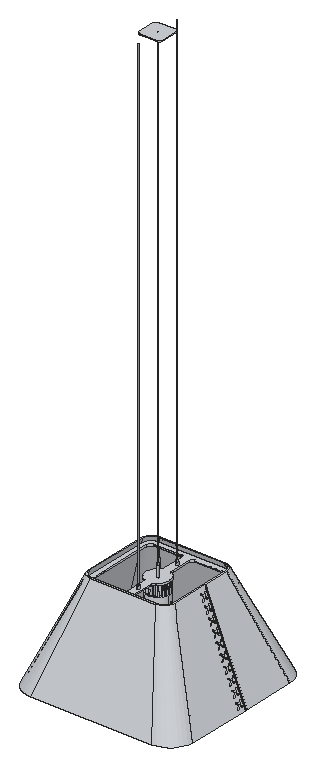
Revit family "BuzziSpace - BuzziShade - Square", category Lighting Fixtures, host Ceiling, Revit 2019
Family settings
  Host = Ceiling
  Round Connector Dimension = Use Diameter
  Part Type = Normal
  OmniClass Number = 23.80.70.11
  OmniClass Title = Luminaries for Internal Lighting
  Always vertical = Yes
  Cut with Voids When Loaded = No
  Light Source = Yes
  Shared = No
  Room Calculation Point = No
Parameters (values of type "Spot Medium")
  Width Toggle [instance] = if(Beam, 2, 1)  # 1
  Wattage = 12.1178 W
  built-in parameter 1150110 = 1 (stored number, unit not read)
  URL = "https://www.buzzi.space/acoustic-solutions/buzzishade-square"
  built-in parameter 1114217 = 1 (stored number, unit not read)
  built-in parameter 1150109 = 1 (stored number, unit not read)
  built-in parameter 1150134 = (empty or 0)
  Suspension Length Control [instance] = if(Suspension Length > 16' 4 109/128", 16' 4 109/128", if(Suspension Length < 6' 6 189/256", 6' 6 189/256", Suspension Length))  # 7' - 0"
  Suspension Length [instance] = 7' - 0"
  built-in parameter 1150113 = 1 (stored number, unit not read)
  Solo Cable Adjustment [instance] = 0' - 0 13/16"
  Mounting [instance] = none
  Model = "BuzziShade Square Medium"
  Medium = not(Beam)  # yes
  Manufacturer = "BuzziSpace"  # constant formula
  Lumens = 1800 lm
  built-in parameter 1150115 = 1 (stored number, unit not read)
  built-in parameter 1150105 = 143.24 (stored number, unit not read)
  Light Toggle = 3
  Light Source Symbol Size = 1' - 6"
  Light Offset [instance] = Suspension Length Control + 1' 0"  # 8' - 0"
  built-in parameter 1150137 = (empty or 0)
  built-in parameter 1150139 = (empty or 0)
  built-in parameter 1150112 = 1 (stored number, unit not read)
  built-in parameter 1150114 = 1 (stored number, unit not read)
  Lace [instance] = none
  built-in parameter 1150132 = 2
  built-in parameter 1150102 = (empty or 0)
  built-in parameter 1150138 = (empty or 0)
  built-in parameter 1150107 = 3000 (stored number, unit not read)
  built-in parameter 1150106 = 1.4324 (stored number, unit not read)
  Mounting Suspension Length [instance] = if(Beam, Suspension Length Control + 0' 2 7/8", Suspension Length Control + 0' 1 57/64")  # 7' - 1 57/64"
  Glass [instance] = none
  Frame [instance] = none
  Felt [instance] = none
  built-in parameter 1150104 = 13.8 (stored number, unit not read)
  Dimming Lamp Color Temperature Shift = <None>
  Color Filter = 16777215
  Cable [instance] = none
  Beam = no
  built-in parameter 1114218 = 1 (stored number, unit not read)
  built-in parameter 1150133 = 10 (stored number, unit not read)
Reference planes (in)
  plane 1 "Light Source Axis (F/B)": y = 0
  plane 2 "Ceiling": z = 96
  plane 3 "Light Source Axis (L/R)": x = 0
  plane 4 "Light Source Elevation": z = 0
  plane 5 "Mask": z = 0
Forms (in)
  Revolve 1, solid, material <- "Cable", visible <- "Medium"
    sketch origin (0, 0, 0) x (0, 1, 0) y (0, 0, 1)
      loop
        line (4.24371, 96) -> (4.21246, 96) -> (4.21246, 10.10192) -> (4.14464, 10.10192) -> (4.14464, 9.77103) -> (4.04534, 9.77103) -> (4.04534, 9.375) -> (4.24371, 9.375) -> (4.24371, 96)
      axis (4.24371, 9.375) -> (4.24371, 96)
    angle from 0 to 360
  Revolve 2, solid, material <- "Cable", visible <- "Medium"
    sketch origin (0, -8.54025, 0) x (0, 1, 0) y (0, 0, 1)
      loop
        line (4.24371, 96) -> (4.21246, 96) -> (4.21246, 10.10192) -> (4.14464, 10.10192) -> (4.14464, 9.77103) -> (4.04534, 9.77103) -> (4.04534, 9.375) -> (4.24371, 9.375) -> (4.24371, 96)
      axis (4.24371, 9.375) -> (4.24371, 96)
    angle from 0 to 360
Lines and regions (in)
  Masking region 1, visible <- "Medium"
    outline origin (0, 0, 48) x (-1, 0, 0) y (0, -1, 0)
      loop
        arc (14.79872, 10.73976) -> (13.62715, 13.56819) -> (10.79872, 14.73976) r 4
        line (10.79872, 14.73976) -> (-10.79872, 14.73976)
        arc (-10.79872, 14.73976) -> (-13.62715, 13.56819) -> (-14.79872, 10.73976) r 4
        line (-14.79872, 10.73976) -> (-14.79872, -10.73976)
        arc (-14.79872, -10.73976) -> (-13.62715, -13.56819) -> (-10.79872, -14.73976) r 4
        line (-10.79872, -14.73976) -> (10.79872, -14.73976)
        arc (10.79872, -14.73976) -> (13.62715, -13.56819) -> (14.79872, -10.73976) r 4
        line (14.79872, -10.73976) -> (14.79872, 10.73976)
      loop
        arc (5.86565, -6.73526) -> (6.51081, -6.46803) -> (6.77805, -5.82286) r 0.9124
        line (6.77805, -5.82286) -> (6.77805, 5.82286)
        arc (6.77805, 5.82286) -> (6.51081, 6.46803) -> (5.86565, 6.73526) r 0.9124
        line (5.86565, 6.73526) -> (1.33716, 6.73526)
        arc (1.33716, 6.73526) -> (0.85342, 6.53489) -> (0.65305, 6.05116) r 0.68411
        line (0.65305, 6.05116) -> (0.65305, 2.43789)
        arc (0.65305, 2.43789) -> (0.75854, 2.04419) -> (1.04675, 1.75598) r 0.7874
        arc (1.04675, 1.75598) -> (2.06057, 0) -> (1.04675, -1.75598) r 2.02763
        arc (1.04675, -1.75598) -> (0.75854, -2.04419) -> (0.65305, -2.43789) r 0.7874
        line (0.65305, -2.43789) -> (0.65305, -6.15357)
        arc (0.65305, -6.15357) -> (0.82343, -6.56489) -> (1.23474, -6.73526) r 0.58169
        line (1.23474, -6.73526) -> (5.86565, -6.73526)
      loop
        arc (-0.65305, -2.43789) -> (-0.75854, -2.04419) -> (-1.04675, -1.75598) r 0.7874
        arc (-1.04675, -1.75598) -> (-2.06057, 0) -> (-1.04675, 1.75598) r 2.02763
        arc (-1.04675, 1.75598) -> (-0.75854, 2.04419) -> (-0.65305, 2.43789) r 0.7874
        line (-0.65305, 2.43789) -> (-0.65305, 6.05116)
        arc (-0.65305, 6.05116) -> (-0.85342, 6.53489) -> (-1.33716, 6.73526) r 0.68411
        line (-1.33716, 6.73526) -> (-5.86565, 6.73526)
        arc (-5.86565, 6.73526) -> (-6.51081, 6.46803) -> (-6.77805, 5.82286) r 0.9124
        line (-6.77805, 5.82286) -> (-6.77805, -5.82286)
        arc (-6.77805, -5.82286) -> (-6.51081, -6.46803) -> (-5.86565, -6.73526) r 0.9124
        line (-5.86565, -6.73526) -> (-1.23474, -6.73526)
        arc (-1.23474, -6.73526) -> (-0.82343, -6.56489) -> (-0.65305, -6.15357) r 0.58169
        line (-0.65305, -6.15357) -> (-0.65305, -2.43789)
  Masking region 2, visible <- "Beam"
    outline origin (0, 0, 0) x (-1, 0, 0) y (0, -1, 0)
      loop
        arc (25.48622, -14.73976) -> (28.31465, -13.56819) -> (29.48622, -10.73976) r 4
        line (29.48622, -10.73976) -> (29.48622, 10.73976)
        arc (29.48622, 10.73976) -> (28.31465, 13.56819) -> (25.48622, 14.73976) r 4
        line (25.48622, 14.73976) -> (-25.48622, 14.73976)
        arc (-25.48622, 14.73976) -> (-28.31465, 13.56819) -> (-29.48622, 10.73976) r 4
        line (-29.48622, 10.73976) -> (-29.48622, -10.73976)
        arc (-29.48622, -10.73976) -> (-28.31465, -13.56819) -> (-25.48622, -14.73976) r 4
        line (-25.48622, -14.73976) -> (25.48622, -14.73976)
      loop
        arc (21.46555, 5.82286) -> (21.19831, 6.46803) -> (20.55315, 6.73526) r 0.9124
        line (20.55315, 6.73526) -> (16.02466, 6.73526)
        arc (16.02466, 6.73526) -> (15.54092, 6.53489) -> (15.34055, 6.05116) r 0.68411
        line (15.34055, 6.05116) -> (15.34055, 2.43789)
        arc (15.34055, 2.43789) -> (15.44604, 2.04419) -> (15.73425, 1.75598) r 0.7874
        arc (15.73425, 1.75598) -> (16.74807, 0) -> (15.73425, -1.75598) r 2.02763
        arc (15.73425, -1.75598) -> (15.44604, -2.04419) -> (15.34055, -2.43789) r 0.7874
        line (15.34055, -2.43789) -> (15.34055, -6.15357)
        arc (15.34055, -6.15357) -> (15.51093, -6.56489) -> (15.92224, -6.73526) r 0.58169
        line (15.92224, -6.73526) -> (20.55315, -6.73526)
        arc (20.55315, -6.73526) -> (21.19831, -6.46803) -> (21.46555, -5.82286) r 0.9124
        line (21.46555, -5.82286) -> (21.46555, 5.82286)
      loop
        line (14.15945, -6.15357) -> (14.15945, -2.43789)
        arc (14.15945, -2.43789) -> (14.05396, -2.04419) -> (13.76575, -1.75598) r 0.7874
        arc (13.76575, -1.75598) -> (12.75193, 0) -> (13.76575, 1.75598) r 2.02763
        arc (13.76575, 1.75598) -> (14.05396, 2.04419) -> (14.15945, 2.43789) r 0.7874
        line (14.15945, 2.43789) -> (14.15945, 6.05116)
        arc (14.15945, 6.05116) -> (13.95908, 6.53489) -> (13.47534, 6.73526) r 0.68411
        line (13.47534, 6.73526) -> (1.27466, 6.73526)
        arc (1.27466, 6.73526) -> (0.79092, 6.53489) -> (0.59055, 6.05116) r 0.68411
        line (0.59055, 6.05116) -> (0.59055, 2.43789)
        arc (0.59055, 2.43789) -> (0.69604, 2.04419) -> (0.98425, 1.75598) r 0.7874
        arc (0.98425, 1.75598) -> (1.99807, 0) -> (0.98425, -1.75598) r 2.02763
        arc (0.98425, -1.75598) -> (0.69604, -2.04419) -> (0.59055, -2.43789) r 0.7874
        line (0.59055, -2.43789) -> (0.59055, -6.15357)
        arc (0.59055, -6.15357) -> (0.76093, -6.56489) -> (1.17224, -6.73526) r 0.58169
        line (1.17224, -6.73526) -> (13.57776, -6.73526)
        arc (13.57776, -6.73526) -> (13.98907, -6.56489) -> (14.15945, -6.15357) r 0.58169
      loop
        line (-0.59055, -6.15357) -> (-0.59055, -2.43789)
        arc (-0.59055, -2.43789) -> (-0.69604, -2.04419) -> (-0.98425, -1.75598) r 0.7874
        arc (-0.98425, -1.75598) -> (-1.99807, 0) -> (-0.98425, 1.75598) r 2.02763
        arc (-0.98425, 1.75598) -> (-0.69604, 2.04419) -> (-0.59055, 2.43789) r 0.7874
        line (-0.59055, 2.43789) -> (-0.59055, 6.05116)
        arc (-0.59055, 6.05116) -> (-0.79092, 6.53489) -> (-1.27466, 6.73526) r 0.68411
        line (-1.27466, 6.73526) -> (-13.47534, 6.73526)
        arc (-13.47534, 6.73526) -> (-13.95908, 6.53489) -> (-14.15945, 6.05116) r 0.68411
        line (-14.15945, 6.05116) -> (-14.15945, 2.43789)
        arc (-14.15945, 2.43789) -> (-14.05396, 2.04419) -> (-13.76575, 1.75598) r 0.7874
        arc (-13.76575, 1.75598) -> (-12.75193, 0) -> (-13.76575, -1.75598) r 2.02763
        arc (-13.76575, -1.75598) -> (-14.05396, -2.04419) -> (-14.15945, -2.43789) r 0.7874
        line (-14.15945, -2.43789) -> (-14.15945, -6.15357)
        arc (-14.15945, -6.15357) -> (-13.98907, -6.56489) -> (-13.57776, -6.73526) r 0.58169
        line (-13.57776, -6.73526) -> (-1.17224, -6.73526)
        arc (-1.17224, -6.73526) -> (-0.76093, -6.56489) -> (-0.59055, -6.15357) r 0.58169
      loop
        arc (-15.34055, -2.43789) -> (-15.44604, -2.04419) -> (-15.73425, -1.75598) r 0.7874
        arc (-15.73425, -1.75598) -> (-16.74807, 0) -> (-15.73425, 1.75598) r 2.02763
        arc (-15.73425, 1.75598) -> (-15.44604, 2.04419) -> (-15.34055, 2.43789) r 0.7874
        line (-15.34055, 2.43789) -> (-15.34055, 6.05116)
        arc (-15.34055, 6.05116) -> (-15.54092, 6.53489) -> (-16.02466, 6.73526) r 0.68411
        line (-16.02466, 6.73526) -> (-20.55315, 6.73526)
        arc (-20.55315, 6.73526) -> (-21.19831, 6.46803) -> (-21.46555, 5.82286) r 0.9124
        line (-21.46555, 5.82286) -> (-21.46555, -5.82286)
        arc (-21.46555, -5.82286) -> (-21.19831, -6.46803) -> (-20.55315, -6.73526) r 0.9124
        line (-20.55315, -6.73526) -> (-15.92224, -6.73526)
        arc (-15.92224, -6.73526) -> (-15.51093, -6.56489) -> (-15.34055, -6.15357) r 0.58169
        line (-15.34055, -6.15357) -> (-15.34055, -2.43789)
  symbolic lines, visible <- "Medium", detail levels medium+fine
    curve 1: line (5.86565, 7.61026, 0) -> (-5.86565, 7.61026, 0)
    curve 2: line (7.65305, -5.82286, 0) -> (7.65305, 5.82286, 0)
    curve 3: line (-7.65305, 5.82286, 0) -> (-7.65305, -5.82286, 0)
    curve 4: line (-5.86565, -7.61026, 0) -> (5.86565, -7.61026, 0)
    curve 5: line (-13.54872, -10.73976, 0) -> (-13.54872, 10.73976, 0)
    curve 6: line (-10.79872, 13.48976, 0) -> (10.79872, 13.48976, 0)
    curve 7: line (13.54872, 10.73976, 0) -> (13.54872, -10.73976, 0)
    curve 8: line (10.79872, -13.48976, 0) -> (-10.79872, -13.48976, 0)
    curve 9: arc (-13.54872, 10.73976, 0) -> (-12.74326, 12.68431, 0) -> (-10.79872, 13.48976, 0) r 2.75
    curve 10: arc (10.79872, 13.48976, 0) -> (12.74326, 12.68431, 0) -> (13.54872, 10.73976, 0) r 2.75
    curve 11: arc (10.79872, -13.48976, 0) -> (12.74326, -12.68431, 0) -> (13.54872, -10.73976, 0) r 2.75
    curve 12: arc (-10.79872, -13.48976, 0) -> (-12.74326, -12.68431, 0) -> (-13.54872, -10.73976, 0) r 2.75
    curve 13: arc (5.86565, 7.61026, 0) -> (7.12953, 7.08674, 0) -> (7.65305, 5.82286, 0) r 1.7874
    curve 14: arc (-7.65305, 5.82286, 0) -> (-7.12953, 7.08674, 0) -> (-5.86565, 7.61026, 0) r 1.7874
    curve 15: arc (-7.65305, -5.82286, 0) -> (-7.12953, -7.08674, 0) -> (-5.86565, -7.61026, 0) r 1.7874
    curve 16: arc (7.65305, -5.82286, 0) -> (7.12953, -7.08674, 0) -> (5.86565, -7.61026, 0) r 1.7874
  symbolic lines, visible <- "Medium", detail levels fine
    curve 17: line (8.12482, 0, 0) -> (7.9509, 0.45807, 0)
    curve 18: spline (7.9509, 0.45807, 0) -> (7.94811, 0.46702, 0) -> (7.94604, 0.47723, 0) -> (7.94476, 0.48831, 0) -> (7.94433, 0.49983, 0) -> (7.94476, 0.51135, 0) -> (7.94604, 0.52243, 0) -> (7.94811, 0.53264, 0) -> (7.9509, 0.54158, 0) -> (7.9543, 0.54893, 0) -> (7.95817, 0.55439, 0) -> (7.96238, 0.55775, 0) -> (7.96675, 0.55888, 0)
    curve 19: spline (8.09825, 0.54158, 0) -> (8.09718, 0.54423, 0) -> (8.09604, 0.54668, 0) -> (8.09485, 0.54893, 0) -> (8.0936, 0.55097, 0) -> (8.09231, 0.55279, 0) -> (8.09097, 0.55439, 0) -> (8.0896, 0.55575, 0) -> (8.0882, 0.55687, 0) -> (8.08677, 0.55775, 0) -> (8.08532, 0.55838, 0) -> (8.08386, 0.55875, 0) -> (8.08239, 0.55888, 0)
    curve 20: line (8.08239, 0.55888, 0) -> (7.96675, 0.55888, 0)
    curve 21: line (8.12482, 0, 0) -> (7.9509, -0.45807, 0)
    curve 22: spline (7.9509, -0.45807, 0) -> (7.94811, -0.46702, 0) -> (7.94604, -0.47723, 0) -> (7.94476, -0.48831, 0) -> (7.94433, -0.49983, 0) -> (7.94476, -0.51135, 0) -> (7.94604, -0.52243, 0) -> (7.94811, -0.53264, 0) -> (7.9509, -0.54158, 0) -> (7.9543, -0.54893, 0) -> (7.95817, -0.55439, 0) -> (7.96238, -0.55775, 0) -> (7.96675, -0.55888, 0)
    curve 23: spline (8.09825, -0.54158, 0) -> (8.09718, -0.54423, 0) -> (8.09604, -0.54668, 0) -> (8.09485, -0.54893, 0) -> (8.0936, -0.55097, 0) -> (8.09231, -0.55279, 0) -> (8.09097, -0.55439, 0) -> (8.0896, -0.55575, 0) -> (8.0882, -0.55687, 0) -> (8.08677, -0.55775, 0) -> (8.08532, -0.55838, 0) -> (8.08386, -0.55875, 0) -> (8.08239, -0.55888, 0)
    curve 24: line (8.08239, -0.55888, 0) -> (7.96675, -0.55888, 0)
    curve 25: line (8.21435, -0.2358, 0) -> (8.09825, -0.54158, 0)
    curve 26: spline (8.47252, 0.4757, 0) -> (8.47375, 0.48493, 0) -> (8.47439, 0.49458, 0) -> (8.47441, 0.50437, 0) -> (8.47382, 0.51403, 0) -> (8.47263, 0.52331, 0) -> (8.47087, 0.53194, 0) -> (8.4686, 0.53969, 0) -> (8.46587, 0.54634, 0) -> (8.46276, 0.55171, 0) -> (8.45936, 0.55566, 0) -> (8.45576, 0.55807, 0) -> (8.45205, 0.55888, 0)
    curve 27: line (8.45205, 0.55888, 0) -> (8.33702, 0.55888, 0)
    curve 28: line (8.21435, 0.2358, 0) -> (8.09825, 0.54158, 0)
    curve 29: line (8.33702, 0.55888, 0) -> (8.21435, 0.2358, 0)
    curve 30: line (8.47252, 0.4757, 0) -> (8.2968, 0.01289, 0)
    curve 31: line (8.33702, -0.55888, 0) -> (8.21435, -0.2358, 0)
    curve 32: line (8.46184, -0.55888, 0) -> (8.33702, -0.55888, 0)
    curve 33: spline (8.48231, -0.4757, 0) -> (8.48354, -0.48493, 0) -> (8.48418, -0.49458, 0) -> (8.4842, -0.50437, 0) -> (8.48361, -0.51403, 0) -> (8.48242, -0.52331, 0) -> (8.48066, -0.53194, 0) -> (8.47839, -0.53969, 0) -> (8.47566, -0.54634, 0) -> (8.47255, -0.55171, 0) -> (8.46915, -0.55566, 0) -> (8.46555, -0.55807, 0) -> (8.46184, -0.55888, 0)
    curve 34: line (8.48231, -0.4757, 0) -> (8.2968, 0.01289, 0)
    curve 339: line (8.81232, 0, 0) -> (8.6384, 0.45807, 0)
    curve 340: spline (8.6384, 0.45807, 0) -> (8.63561, 0.46702, 0) -> (8.63354, 0.47723, 0) -> (8.63226, 0.48831, 0) -> (8.63183, 0.49983, 0) -> (8.63226, 0.51135, 0) -> (8.63354, 0.52243, 0) -> (8.63561, 0.53264, 0) -> (8.6384, 0.54158, 0) -> (8.6418, 0.54893, 0) -> (8.64567, 0.55439, 0) -> (8.64988, 0.55775, 0) -> (8.65425, 0.55888, 0)
    curve 341: spline (8.78575, 0.54158, 0) -> (8.78468, 0.54423, 0) -> (8.78354, 0.54668, 0) -> (8.78235, 0.54893, 0) -> (8.7811, 0.55097, 0) -> (8.77981, 0.55279, 0) -> (8.77847, 0.55439, 0) -> (8.7771, 0.55575, 0) -> (8.7757, 0.55687, 0) -> (8.77427, 0.55775, 0) -> (8.77282, 0.55838, 0) -> (8.77136, 0.55875, 0) -> (8.76989, 0.55888, 0)
    curve 342: line (8.76989, 0.55888, 0) -> (8.65425, 0.55888, 0)
    curve 343: line (8.81232, 0, 0) -> (8.6384, -0.45807, 0)
    curve 344: spline (8.6384, -0.45807, 0) -> (8.63561, -0.46702, 0) -> (8.63354, -0.47723, 0) -> (8.63226, -0.48831, 0) -> (8.63183, -0.49983, 0) -> (8.63226, -0.51135, 0) -> (8.63354, -0.52243, 0) -> (8.63561, -0.53264, 0) -> (8.6384, -0.54158, 0) -> (8.6418, -0.54893, 0) -> (8.64567, -0.55439, 0) -> (8.64988, -0.55775, 0) -> (8.65425, -0.55888, 0)
    curve 345: spline (8.78575, -0.54158, 0) -> (8.78468, -0.54423, 0) -> (8.78354, -0.54668, 0) -> (8.78235, -0.54893, 0) -> (8.7811, -0.55097, 0) -> (8.77981, -0.55279, 0) -> (8.77847, -0.55439, 0) -> (8.7771, -0.55575, 0) -> (8.7757, -0.55687, 0) -> (8.77427, -0.55775, 0) -> (8.77282, -0.55838, 0) -> (8.77136, -0.55875, 0) -> (8.76989, -0.55888, 0)
    curve 346: line (8.76989, -0.55888, 0) -> (8.65425, -0.55888, 0)
    curve 347: line (8.90185, -0.2358, 0) -> (8.78575, -0.54158, 0)
    curve 348: spline (9.16002, 0.4757, 0) -> (9.16125, 0.48493, 0) -> (9.16189, 0.49458, 0) -> (9.16191, 0.50437, 0) -> (9.16132, 0.51403, 0) -> (9.16013, 0.52331, 0) -> (9.15837, 0.53194, 0) -> (9.1561, 0.53969, 0) -> (9.15337, 0.54634, 0) -> (9.15026, 0.55171, 0) -> (9.14686, 0.55566, 0) -> (9.14326, 0.55807, 0) -> (9.13955, 0.55888, 0)
    curve 349: line (9.13955, 0.55888, 0) -> (9.02452, 0.55888, 0)
    curve 350: line (8.90185, 0.2358, 0) -> (8.78575, 0.54158, 0)
    curve 351: line (9.02452, 0.55888, 0) -> (8.90185, 0.2358, 0)
    curve 352: line (9.16002, 0.4757, 0) -> (8.9843, 0.01289, 0)
    curve 353: line (9.02452, -0.55888, 0) -> (8.90185, -0.2358, 0)
    curve 354: line (9.14934, -0.55888, 0) -> (9.02452, -0.55888, 0)
    curve 355: spline (9.16981, -0.4757, 0) -> (9.17104, -0.48493, 0) -> (9.17168, -0.49458, 0) -> (9.1717, -0.50437, 0) -> (9.17111, -0.51403, 0) -> (9.16992, -0.52331, 0) -> (9.16816, -0.53194, 0) -> (9.16589, -0.53969, 0) -> (9.16316, -0.54634, 0) -> (9.16005, -0.55171, 0) -> (9.15665, -0.55566, 0) -> (9.15305, -0.55807, 0) -> (9.14934, -0.55888, 0)
    curve 356: line (9.16981, -0.4757, 0) -> (8.9843, 0.01289, 0)
    curve 357: line (9.49982, 0, 0) -> (9.3259, 0.45807, 0)
    curve 358: spline (9.3259, 0.45807, 0) -> (9.32311, 0.46702, 0) -> (9.32104, 0.47723, 0) -> (9.31976, 0.48831, 0) -> (9.31933, 0.49983, 0) -> (9.31976, 0.51135, 0) -> (9.32104, 0.52243, 0) -> (9.32311, 0.53264, 0) -> (9.3259, 0.54158, 0) -> (9.3293, 0.54893, 0) -> (9.33317, 0.55439, 0) -> (9.33738, 0.55775, 0) -> (9.34175, 0.55888, 0)
    curve 359: spline (9.47325, 0.54158, 0) -> (9.47218, 0.54423, 0) -> (9.47104, 0.54668, 0) -> (9.46985, 0.54893, 0) -> (9.4686, 0.55097, 0) -> (9.46731, 0.55279, 0) -> (9.46597, 0.55439, 0) -> (9.4646, 0.55575, 0) -> (9.4632, 0.55687, 0) -> (9.46177, 0.55775, 0) -> (9.46032, 0.55838, 0) -> (9.45886, 0.55875, 0) -> (9.45739, 0.55888, 0)
    curve 360: line (9.45739, 0.55888, 0) -> (9.34175, 0.55888, 0)
    curve 361: line (9.49982, 0, 0) -> (9.3259, -0.45807, 0)
    curve 362: spline (9.3259, -0.45807, 0) -> (9.32311, -0.46702, 0) -> (9.32104, -0.47723, 0) -> (9.31976, -0.48831, 0) -> (9.31933, -0.49983, 0) -> (9.31976, -0.51135, 0) -> (9.32104, -0.52243, 0) -> (9.32311, -0.53264, 0) -> (9.3259, -0.54158, 0) -> (9.3293, -0.54893, 0) -> (9.33317, -0.55439, 0) -> (9.33738, -0.55775, 0) -> (9.34175, -0.55888, 0)
    curve 363: spline (9.47325, -0.54158, 0) -> (9.47218, -0.54423, 0) -> (9.47104, -0.54668, 0) -> (9.46985, -0.54893, 0) -> (9.4686, -0.55097, 0) -> (9.46731, -0.55279, 0) -> (9.46597, -0.55439, 0) -> (9.4646, -0.55575, 0) -> (9.4632, -0.55687, 0) -> (9.46177, -0.55775, 0) -> (9.46032, -0.55838, 0) -> (9.45886, -0.55875, 0) -> (9.45739, -0.55888, 0)
    curve 364: line (9.45739, -0.55888, 0) -> (9.34175, -0.55888, 0)
    curve 365: line (9.58935, -0.2358, 0) -> (9.47325, -0.54158, 0)
    curve 366: spline (9.84752, 0.4757, 0) -> (9.84875, 0.48493, 0) -> (9.84939, 0.49458, 0) -> (9.84941, 0.50437, 0) -> (9.84882, 0.51403, 0) -> (9.84763, 0.52331, 0) -> (9.84587, 0.53194, 0) -> (9.8436, 0.53969, 0) -> (9.84087, 0.54634, 0) -> (9.83776, 0.55171, 0) -> (9.83436, 0.55566, 0) -> (9.83076, 0.55807, 0) -> (9.82705, 0.55888, 0)
    curve 367: line (9.82705, 0.55888, 0) -> (9.71202, 0.55888, 0)
    curve 368: line (9.58935, 0.2358, 0) -> (9.47325, 0.54158, 0)
    curve 369: line (9.71202, 0.55888, 0) -> (9.58935, 0.2358, 0)
    curve 370: line (9.84752, 0.4757, 0) -> (9.6718, 0.01289, 0)
    curve 371: line (9.71202, -0.55888, 0) -> (9.58935, -0.2358, 0)
    curve 372: line (9.83684, -0.55888, 0) -> (9.71202, -0.55888, 0)
    curve 373: spline (9.85731, -0.4757, 0) -> (9.85854, -0.48493, 0) -> (9.85918, -0.49458, 0) -> (9.8592, -0.50437, 0) -> (9.85861, -0.51403, 0) -> (9.85742, -0.52331, 0) -> (9.85566, -0.53194, 0) -> (9.85339, -0.53969, 0) -> (9.85066, -0.54634, 0) -> (9.84755, -0.55171, 0) -> (9.84415, -0.55566, 0) -> (9.84055, -0.55807, 0) -> (9.83684, -0.55888, 0)
    curve 374: line (9.85731, -0.4757, 0) -> (9.6718, 0.01289, 0)
    curve 375: line (10.18732, 0, 0) -> (10.0134, 0.45807, 0)
    curve 376: spline (10.0134, 0.45807, 0) -> (10.01061, 0.46702, 0) -> (10.00854, 0.47723, 0) -> (10.00726, 0.48831, 0) -> (10.00683, 0.49983, 0) -> (10.00726, 0.51135, 0) -> (10.00854, 0.52243, 0) -> (10.01061, 0.53264, 0) -> (10.0134, 0.54158, 0) -> (10.0168, 0.54893, 0) -> (10.02067, 0.55439, 0) -> (10.02488, 0.55775, 0) -> (10.02925, 0.55888, 0)
    curve 377: spline (10.16075, 0.54158, 0) -> (10.15968, 0.54423, 0) -> (10.15854, 0.54668, 0) -> (10.15735, 0.54893, 0) -> (10.1561, 0.55097, 0) -> (10.15481, 0.55279, 0) -> (10.15347, 0.55439, 0) -> (10.1521, 0.55575, 0) -> (10.1507, 0.55687, 0) -> (10.14927, 0.55775, 0) -> (10.14782, 0.55838, 0) -> (10.14636, 0.55875, 0) -> (10.14489, 0.55888, 0)
    curve 378: line (10.14489, 0.55888, 0) -> (10.02925, 0.55888, 0)
    curve 379: line (10.18732, 0, 0) -> (10.0134, -0.45807, 0)
    curve 380: spline (10.0134, -0.45807, 0) -> (10.01061, -0.46702, 0) -> (10.00854, -0.47723, 0) -> (10.00726, -0.48831, 0) -> (10.00683, -0.49983, 0) -> (10.00726, -0.51135, 0) -> (10.00854, -0.52243, 0) -> (10.01061, -0.53264, 0) -> (10.0134, -0.54158, 0) -> (10.0168, -0.54893, 0) -> (10.02067, -0.55439, 0) -> (10.02488, -0.55775, 0) -> (10.02925, -0.55888, 0)
    curve 381: spline (10.16075, -0.54158, 0) -> (10.15968, -0.54423, 0) -> (10.15854, -0.54668, 0) -> (10.15735, -0.54893, 0) -> (10.1561, -0.55097, 0) -> (10.15481, -0.55279, 0) -> (10.15347, -0.55439, 0) -> (10.1521, -0.55575, 0) -> (10.1507, -0.55687, 0) -> (10.14927, -0.55775, 0) -> (10.14782, -0.55838, 0) -> (10.14636, -0.55875, 0) -> (10.14489, -0.55888, 0)
    curve 382: line (10.14489, -0.55888, 0) -> (10.02925, -0.55888, 0)
    curve 383: line (10.27685, -0.2358, 0) -> (10.16075, -0.54158, 0)
    curve 384: spline (10.53502, 0.4757, 0) -> (10.53625, 0.48493, 0) -> (10.53689, 0.49458, 0) -> (10.53691, 0.50437, 0) -> (10.53632, 0.51403, 0) -> (10.53513, 0.52331, 0) -> (10.53337, 0.53194, 0) -> (10.5311, 0.53969, 0) -> (10.52837, 0.54634, 0) -> (10.52526, 0.55171, 0) -> (10.52186, 0.55566, 0) -> (10.51826, 0.55807, 0) -> (10.51455, 0.55888, 0)
    curve 385: line (10.51455, 0.55888, 0) -> (10.39952, 0.55888, 0)
    curve 386: line (10.27685, 0.2358, 0) -> (10.16075, 0.54158, 0)
    curve 387: line (10.39952, 0.55888, 0) -> (10.27685, 0.2358, 0)
    curve 388: line (10.53502, 0.4757, 0) -> (10.3593, 0.01289, 0)
    curve 389: line (10.39952, -0.55888, 0) -> (10.27685, -0.2358, 0)
    curve 390: line (10.52434, -0.55888, 0) -> (10.39952, -0.55888, 0)
    curve 391: spline (10.54481, -0.4757, 0) -> (10.54604, -0.48493, 0) -> (10.54668, -0.49458, 0) -> (10.5467, -0.50437, 0) -> (10.54611, -0.51403, 0) -> (10.54492, -0.52331, 0) -> (10.54316, -0.53194, 0) -> (10.54089, -0.53969, 0) -> (10.53816, -0.54634, 0) -> (10.53505, -0.55171, 0) -> (10.53165, -0.55566, 0) -> (10.52805, -0.55807, 0) -> (10.52434, -0.55888, 0)
    curve 392: line (10.54481, -0.4757, 0) -> (10.3593, 0.01289, 0)
    curve 393: line (10.87482, 0, 0) -> (10.7009, 0.45807, 0)
    curve 394: spline (10.7009, 0.45807, 0) -> (10.69811, 0.46702, 0) -> (10.69604, 0.47723, 0) -> (10.69476, 0.48831, 0) -> (10.69433, 0.49983, 0) -> (10.69476, 0.51135, 0) -> (10.69604, 0.52243, 0) -> (10.69811, 0.53264, 0) -> (10.7009, 0.54158, 0) -> (10.7043, 0.54893, 0) -> (10.70817, 0.55439, 0) -> (10.71238, 0.55775, 0) -> (10.71675, 0.55888, 0)
    curve 395: spline (10.84825, 0.54158, 0) -> (10.84718, 0.54423, 0) -> (10.84604, 0.54668, 0) -> (10.84485, 0.54893, 0) -> (10.8436, 0.55097, 0) -> (10.84231, 0.55279, 0) -> (10.84097, 0.55439, 0) -> (10.8396, 0.55575, 0) -> (10.8382, 0.55687, 0) -> (10.83677, 0.55775, 0) -> (10.83532, 0.55838, 0) -> (10.83386, 0.55875, 0) -> (10.83239, 0.55888, 0)
    curve 396: line (10.83239, 0.55888, 0) -> (10.71675, 0.55888, 0)
    curve 397: line (10.87482, 0, 0) -> (10.7009, -0.45807, 0)
    curve 398: spline (10.7009, -0.45807, 0) -> (10.69811, -0.46702, 0) -> (10.69604, -0.47723, 0) -> (10.69476, -0.48831, 0) -> (10.69433, -0.49983, 0) -> (10.69476, -0.51135, 0) -> (10.69604, -0.52243, 0) -> (10.69811, -0.53264, 0) -> (10.7009, -0.54158, 0) -> (10.7043, -0.54893, 0) -> (10.70817, -0.55439, 0) -> (10.71238, -0.55775, 0) -> (10.71675, -0.55888, 0)
    curve 399: spline (10.84825, -0.54158, 0) -> (10.84718, -0.54423, 0) -> (10.84604, -0.54668, 0) -> (10.84485, -0.54893, 0) -> (10.8436, -0.55097, 0) -> (10.84231, -0.55279, 0) -> (10.84097, -0.55439, 0) -> (10.8396, -0.55575, 0) -> (10.8382, -0.55687, 0) -> (10.83677, -0.55775, 0) -> (10.83532, -0.55838, 0) -> (10.83386, -0.55875, 0) -> (10.83239, -0.55888, 0)
    curve 400: line (10.83239, -0.55888, 0) -> (10.71675, -0.55888, 0)
    curve 401: line (10.96435, -0.2358, 0) -> (10.84825, -0.54158, 0)
    curve 402: spline (11.22252, 0.4757, 0) -> (11.22375, 0.48493, 0) -> (11.22439, 0.49458, 0) -> (11.22441, 0.50437, 0) -> (11.22382, 0.51403, 0) -> (11.22263, 0.52331, 0) -> (11.22087, 0.53194, 0) -> (11.2186, 0.53969, 0) -> (11.21587, 0.54634, 0) -> (11.21276, 0.55171, 0) -> (11.20936, 0.55566, 0) -> (11.20576, 0.55807, 0) -> (11.20205, 0.55888, 0)
    curve 403: line (11.20205, 0.55888, 0) -> (11.08702, 0.55888, 0)
    curve 404: line (10.96435, 0.2358, 0) -> (10.84825, 0.54158, 0)
    curve 405: line (11.08702, 0.55888, 0) -> (10.96435, 0.2358, 0)
    curve 406: line (11.22252, 0.4757, 0) -> (11.0468, 0.01289, 0)
    curve 407: line (11.08702, -0.55888, 0) -> (10.96435, -0.2358, 0)
    curve 408: line (11.21184, -0.55888, 0) -> (11.08702, -0.55888, 0)
    curve 409: spline (11.23231, -0.4757, 0) -> (11.23354, -0.48493, 0) -> (11.23418, -0.49458, 0) -> (11.2342, -0.50437, 0) -> (11.23361, -0.51403, 0) -> (11.23242, -0.52331, 0) -> (11.23066, -0.53194, 0) -> (11.22839, -0.53969, 0) -> (11.22566, -0.54634, 0) -> (11.22255, -0.55171, 0) -> (11.21915, -0.55566, 0) -> (11.21555, -0.55807, 0) -> (11.21184, -0.55888, 0)
    curve 410: line (11.23231, -0.4757, 0) -> (11.0468, 0.01289, 0)
    curve 411: line (11.56232, 0, 0) -> (11.3884, 0.45807, 0)
    curve 412: spline (11.3884, 0.45807, 0) -> (11.38561, 0.46702, 0) -> (11.38354, 0.47723, 0) -> (11.38226, 0.48831, 0) -> (11.38183, 0.49983, 0) -> (11.38226, 0.51135, 0) -> (11.38354, 0.52243, 0) -> (11.38561, 0.53264, 0) -> (11.3884, 0.54158, 0) -> (11.3918, 0.54893, 0) -> (11.39567, 0.55439, 0) -> (11.39988, 0.55775, 0) -> (11.40425, 0.55888, 0)
    curve 413: spline (11.53575, 0.54158, 0) -> (11.53468, 0.54423, 0) -> (11.53354, 0.54668, 0) -> (11.53235, 0.54893, 0) -> (11.5311, 0.55097, 0) -> (11.52981, 0.55279, 0) -> (11.52847, 0.55439, 0) -> (11.5271, 0.55575, 0) -> (11.5257, 0.55687, 0) -> (11.52427, 0.55775, 0) -> (11.52282, 0.55838, 0) -> (11.52136, 0.55875, 0) -> (11.51989, 0.55888, 0)
    curve 414: line (11.51989, 0.55888, 0) -> (11.40425, 0.55888, 0)
    curve 415: line (11.56232, 0, 0) -> (11.3884, -0.45807, 0)
    curve 416: spline (11.3884, -0.45807, 0) -> (11.38561, -0.46702, 0) -> (11.38354, -0.47723, 0) -> (11.38226, -0.48831, 0) -> (11.38183, -0.49983, 0) -> (11.38226, -0.51135, 0) -> (11.38354, -0.52243, 0) -> (11.38561, -0.53264, 0) -> (11.3884, -0.54158, 0) -> (11.3918, -0.54893, 0) -> (11.39567, -0.55439, 0) -> (11.39988, -0.55775, 0) -> (11.40425, -0.55888, 0)
    curve 417: spline (11.53575, -0.54158, 0) -> (11.53468, -0.54423, 0) -> (11.53354, -0.54668, 0) -> (11.53235, -0.54893, 0) -> (11.5311, -0.55097, 0) -> (11.52981, -0.55279, 0) -> (11.52847, -0.55439, 0) -> (11.5271, -0.55575, 0) -> (11.5257, -0.55687, 0) -> (11.52427, -0.55775, 0) -> (11.52282, -0.55838, 0) -> (11.52136, -0.55875, 0) -> (11.51989, -0.55888, 0)
    curve 418: line (11.51989, -0.55888, 0) -> (11.40425, -0.55888, 0)
    curve 419: line (11.65185, -0.2358, 0) -> (11.53575, -0.54158, 0)
    curve 420: spline (11.91002, 0.4757, 0) -> (11.91125, 0.48493, 0) -> (11.91189, 0.49458, 0) -> (11.91191, 0.50437, 0) -> (11.91132, 0.51403, 0) -> (11.91013, 0.52331, 0) -> (11.90837, 0.53194, 0) -> (11.9061, 0.53969, 0) -> (11.90337, 0.54634, 0) -> (11.90026, 0.55171, 0) -> (11.89686, 0.55566, 0) -> (11.89326, 0.55807, 0) -> (11.88955, 0.55888, 0)
    curve 421: line (11.88955, 0.55888, 0) -> (11.77452, 0.55888, 0)
    curve 422: line (11.65185, 0.2358, 0) -> (11.53575, 0.54158, 0)
    curve 423: line (11.77452, 0.55888, 0) -> (11.65185, 0.2358, 0)
    curve 424: line (11.91002, 0.4757, 0) -> (11.7343, 0.01289, 0)
    curve 425: line (11.77452, -0.55888, 0) -> (11.65185, -0.2358, 0)
    curve 426: line (11.89934, -0.55888, 0) -> (11.77452, -0.55888, 0)
    curve 427: spline (11.91981, -0.4757, 0) -> (11.92104, -0.48493, 0) -> (11.92168, -0.49458, 0) -> (11.9217, -0.50437, 0) -> (11.92111, -0.51403, 0) -> (11.91992, -0.52331, 0) -> (11.91816, -0.53194, 0) -> (11.91589, -0.53969, 0) -> (11.91316, -0.54634, 0) -> (11.91005, -0.55171, 0) -> (11.90665, -0.55566, 0) -> (11.90305, -0.55807, 0) -> (11.89934, -0.55888, 0)
    curve 428: line (11.91981, -0.4757, 0) -> (11.7343, 0.01289, 0)
    curve 429: line (12.24982, 0, 0) -> (12.0759, 0.45807, 0)
    curve 430: spline (12.0759, 0.45807, 0) -> (12.07311, 0.46702, 0) -> (12.07104, 0.47723, 0) -> (12.06976, 0.48831, 0) -> (12.06933, 0.49983, 0) -> (12.06976, 0.51135, 0) -> (12.07104, 0.52243, 0) -> (12.07311, 0.53264, 0) -> (12.0759, 0.54158, 0) -> (12.0793, 0.54893, 0) -> (12.08317, 0.55439, 0) -> (12.08738, 0.55775, 0) -> (12.09175, 0.55888, 0)
    curve 431: spline (12.22325, 0.54158, 0) -> (12.22218, 0.54423, 0) -> (12.22104, 0.54668, 0) -> (12.21985, 0.54893, 0) -> (12.2186, 0.55097, 0) -> (12.21731, 0.55279, 0) -> (12.21597, 0.55439, 0) -> (12.2146, 0.55575, 0) -> (12.2132, 0.55687, 0) -> (12.21177, 0.55775, 0) -> (12.21032, 0.55838, 0) -> (12.20886, 0.55875, 0) -> (12.20739, 0.55888, 0)
    curve 432: line (12.20739, 0.55888, 0) -> (12.09175, 0.55888, 0)
    curve 433: line (12.24982, 0, 0) -> (12.0759, -0.45807, 0)
    curve 434: spline (12.0759, -0.45807, 0) -> (12.07311, -0.46702, 0) -> (12.07104, -0.47723, 0) -> (12.06976, -0.48831, 0) -> (12.06933, -0.49983, 0) -> (12.06976, -0.51135, 0) -> (12.07104, -0.52243, 0) -> (12.07311, -0.53264, 0) -> (12.0759, -0.54158, 0) -> (12.0793, -0.54893, 0) -> (12.08317, -0.55439, 0) -> (12.08738, -0.55775, 0) -> (12.09175, -0.55888, 0)
    curve 435: spline (12.22325, -0.54158, 0) -> (12.22218, -0.54423, 0) -> (12.22104, -0.54668, 0) -> (12.21985, -0.54893, 0) -> (12.2186, -0.55097, 0) -> (12.21731, -0.55279, 0) -> (12.21597, -0.55439, 0) -> (12.2146, -0.55575, 0) -> (12.2132, -0.55687, 0) -> (12.21177, -0.55775, 0) -> (12.21032, -0.55838, 0) -> (12.20886, -0.55875, 0) -> (12.20739, -0.55888, 0)
    curve 436: line (12.20739, -0.55888, 0) -> (12.09175, -0.55888, 0)
    curve 437: line (12.33935, -0.2358, 0) -> (12.22325, -0.54158, 0)
    curve 438: spline (12.59752, 0.4757, 0) -> (12.59875, 0.48493, 0) -> (12.59939, 0.49458, 0) -> (12.59941, 0.50437, 0) -> (12.59882, 0.51403, 0) -> (12.59763, 0.52331, 0) -> (12.59587, 0.53194, 0) -> (12.5936, 0.53969, 0) -> (12.59087, 0.54634, 0) -> (12.58776, 0.55171, 0) -> (12.58436, 0.55566, 0) -> (12.58076, 0.55807, 0) -> (12.57705, 0.55888, 0)
    curve 439: line (12.57705, 0.55888, 0) -> (12.46202, 0.55888, 0)
    curve 440: line (12.33935, 0.2358, 0) -> (12.22325, 0.54158, 0)
    curve 441: line (12.46202, 0.55888, 0) -> (12.33935, 0.2358, 0)
    curve 442: line (12.59752, 0.4757, 0) -> (12.4218, 0.01289, 0)
    curve 443: line (12.46202, -0.55888, 0) -> (12.33935, -0.2358, 0)
    curve 444: line (12.58684, -0.55888, 0) -> (12.46202, -0.55888, 0)
    curve 445: spline (12.60731, -0.4757, 0) -> (12.60854, -0.48493, 0) -> (12.60918, -0.49458, 0) -> (12.6092, -0.50437, 0) -> (12.60861, -0.51403, 0) -> (12.60742, -0.52331, 0) -> (12.60566, -0.53194, 0) -> (12.60339, -0.53969, 0) -> (12.60066, -0.54634, 0) -> (12.59755, -0.55171, 0) -> (12.59415, -0.55566, 0) -> (12.59055, -0.55807, 0) -> (12.58684, -0.55888, 0)
    curve 446: line (12.60731, -0.4757, 0) -> (12.4218, 0.01289, 0)
    curve 447: line (12.93732, 0, 0) -> (12.7634, 0.45807, 0)
    curve 448: spline (12.7634, 0.45807, 0) -> (12.76061, 0.46702, 0) -> (12.75854, 0.47723, 0) -> (12.75726, 0.48831, 0) -> (12.75683, 0.49983, 0) -> (12.75726, 0.51135, 0) -> (12.75854, 0.52243, 0) -> (12.76061, 0.53264, 0) -> (12.7634, 0.54158, 0) -> (12.7668, 0.54893, 0) -> (12.77067, 0.55439, 0) -> (12.77488, 0.55775, 0) -> (12.77925, 0.55888, 0)
    curve 449: spline (12.91075, 0.54158, 0) -> (12.90968, 0.54423, 0) -> (12.90854, 0.54668, 0) -> (12.90735, 0.54893, 0) -> (12.9061, 0.55097, 0) -> (12.90481, 0.55279, 0) -> (12.90347, 0.55439, 0) -> (12.9021, 0.55575, 0) -> (12.9007, 0.55687, 0) -> (12.89927, 0.55775, 0) -> (12.89782, 0.55838, 0) -> (12.89636, 0.55875, 0) -> (12.89489, 0.55888, 0)
    curve 450: line (12.89489, 0.55888, 0) -> (12.77925, 0.55888, 0)
    curve 451: line (12.93732, 0, 0) -> (12.7634, -0.45807, 0)
    curve 452: spline (12.7634, -0.45807, 0) -> (12.76061, -0.46702, 0) -> (12.75854, -0.47723, 0) -> (12.75726, -0.48831, 0) -> (12.75683, -0.49983, 0) -> (12.75726, -0.51135, 0) -> (12.75854, -0.52243, 0) -> (12.76061, -0.53264, 0) -> (12.7634, -0.54158, 0) -> (12.7668, -0.54893, 0) -> (12.77067, -0.55439, 0) -> (12.77488, -0.55775, 0) -> (12.77925, -0.55888, 0)
    curve 453: spline (12.91075, -0.54158, 0) -> (12.90968, -0.54423, 0) -> (12.90854, -0.54668, 0) -> (12.90735, -0.54893, 0) -> (12.9061, -0.55097, 0) -> (12.90481, -0.55279, 0) -> (12.90347, -0.55439, 0) -> (12.9021, -0.55575, 0) -> (12.9007, -0.55687, 0) -> (12.89927, -0.55775, 0) -> (12.89782, -0.55838, 0) -> (12.89636, -0.55875, 0) -> (12.89489, -0.55888, 0)
    curve 454: line (12.89489, -0.55888, 0) -> (12.77925, -0.55888, 0)
    curve 455: line (13.02685, -0.2358, 0) -> (12.91075, -0.54158, 0)
    curve 456: spline (13.28502, 0.4757, 0) -> (13.28625, 0.48493, 0) -> (13.28689, 0.49458, 0) -> (13.28691, 0.50437, 0) -> (13.28632, 0.51403, 0) -> (13.28513, 0.52331, 0) -> (13.28337, 0.53194, 0) -> (13.2811, 0.53969, 0) -> (13.27837, 0.54634, 0) -> (13.27526, 0.55171, 0) -> (13.27186, 0.55566, 0) -> (13.26826, 0.55807, 0) -> (13.26455, 0.55888, 0)
    curve 457: line (13.26455, 0.55888, 0) -> (13.14952, 0.55888, 0)
    curve 458: line (13.02685, 0.2358, 0) -> (12.91075, 0.54158, 0)
    curve 459: line (13.14952, 0.55888, 0) -> (13.02685, 0.2358, 0)
    curve 460: line (13.28502, 0.4757, 0) -> (13.1093, 0.01289, 0)
    curve 461: line (13.14952, -0.55888, 0) -> (13.02685, -0.2358, 0)
    curve 462: line (13.27434, -0.55888, 0) -> (13.14952, -0.55888, 0)
    curve 463: spline (13.29481, -0.4757, 0) -> (13.29604, -0.48493, 0) -> (13.29668, -0.49458, 0) -> (13.2967, -0.50437, 0) -> (13.29611, -0.51403, 0) -> (13.29492, -0.52331, 0) -> (13.29316, -0.53194, 0) -> (13.29089, -0.53969, 0) -> (13.28816, -0.54634, 0) -> (13.28505, -0.55171, 0) -> (13.28165, -0.55566, 0) -> (13.27805, -0.55807, 0) -> (13.27434, -0.55888, 0)
    curve 464: line (13.29481, -0.4757, 0) -> (13.1093, 0.01289, 0)
  symbolic lines, visible <- "Beam", detail levels fine
    curve 35: line (-22.81232, 0, 0) -> (-22.6384, 0.45807, 0)
    curve 36: spline (-22.6384, 0.45807, 0) -> (-22.63561, 0.46702, 0) -> (-22.63354, 0.47723, 0) -> (-22.63226, 0.48831, 0) -> (-22.63183, 0.49983, 0) -> (-22.63226, 0.51135, 0) -> (-22.63354, 0.52243, 0) -> (-22.63561, 0.53264, 0) -> (-22.6384, 0.54158, 0) -> (-22.6418, 0.54893, 0) -> (-22.64567, 0.55439, 0) -> (-22.64988, 0.55775, 0) -> (-22.65425, 0.55888, 0)
    curve 37: spline (-22.78575, 0.54158, 0) -> (-22.78468, 0.54423, 0) -> (-22.78354, 0.54668, 0) -> (-22.78235, 0.54893, 0) -> (-22.7811, 0.55097, 0) -> (-22.77981, 0.55279, 0) -> (-22.77847, 0.55439, 0) -> (-22.7771, 0.55575, 0) -> (-22.7757, 0.55687, 0) -> (-22.77427, 0.55775, 0) -> (-22.77282, 0.55838, 0) -> (-22.77136, 0.55875, 0) -> (-22.76989, 0.55888, 0)
    curve 38: line (-22.76989, 0.55888, 0) -> (-22.65425, 0.55888, 0)
    curve 39: line (-22.81232, 0, 0) -> (-22.6384, -0.45807, 0)
    curve 40: spline (-22.6384, -0.45807, 0) -> (-22.63561, -0.46702, 0) -> (-22.63354, -0.47723, 0) -> (-22.63226, -0.48831, 0) -> (-22.63183, -0.49983, 0) -> (-22.63226, -0.51135, 0) -> (-22.63354, -0.52243, 0) -> (-22.63561, -0.53264, 0) -> (-22.6384, -0.54158, 0) -> (-22.6418, -0.54893, 0) -> (-22.64567, -0.55439, 0) -> (-22.64988, -0.55775, 0) -> (-22.65425, -0.55888, 0)
    curve 41: spline (-22.78575, -0.54158, 0) -> (-22.78468, -0.54423, 0) -> (-22.78354, -0.54668, 0) -> (-22.78235, -0.54893, 0) -> (-22.7811, -0.55097, 0) -> (-22.77981, -0.55279, 0) -> (-22.77847, -0.55439, 0) -> (-22.7771, -0.55575, 0) -> (-22.7757, -0.55687, 0) -> (-22.77427, -0.55775, 0) -> (-22.77282, -0.55838, 0) -> (-22.77136, -0.55875, 0) -> (-22.76989, -0.55888, 0)
    curve 42: line (-22.76989, -0.55888, 0) -> (-22.65425, -0.55888, 0)
    curve 43: line (-22.90185, -0.2358, 0) -> (-22.78575, -0.54158, 0)
    curve 44: spline (-23.16002, 0.4757, 0) -> (-23.16125, 0.48493, 0) -> (-23.16189, 0.49458, 0) -> (-23.16191, 0.50437, 0) -> (-23.16132, 0.51403, 0) -> (-23.16013, 0.52331, 0) -> (-23.15837, 0.53194, 0) -> (-23.1561, 0.53969, 0) -> (-23.15337, 0.54634, 0) -> (-23.15026, 0.55171, 0) -> (-23.14686, 0.55566, 0) -> (-23.14326, 0.55807, 0) -> (-23.13955, 0.55888, 0)
    curve 45: line (-23.13955, 0.55888, 0) -> (-23.02452, 0.55888, 0)
    curve 46: line (-22.90185, 0.2358, 0) -> (-22.78575, 0.54158, 0)
    curve 47: line (-23.02452, 0.55888, 0) -> (-22.90185, 0.2358, 0)
    curve 48: line (-23.16002, 0.4757, 0) -> (-22.9843, 0.01289, 0)
    curve 49: line (-23.02452, -0.55888, 0) -> (-22.90185, -0.2358, 0)
    curve 50: line (-23.14934, -0.55888, 0) -> (-23.02452, -0.55888, 0)
    curve 51: spline (-23.16981, -0.4757, 0) -> (-23.17104, -0.48493, 0) -> (-23.17168, -0.49458, 0) -> (-23.1717, -0.50437, 0) -> (-23.17111, -0.51403, 0) -> (-23.16992, -0.52331, 0) -> (-23.16816, -0.53194, 0) -> (-23.16589, -0.53969, 0) -> (-23.16316, -0.54634, 0) -> (-23.16005, -0.55171, 0) -> (-23.15665, -0.55566, 0) -> (-23.15305, -0.55807, 0) -> (-23.14934, -0.55888, 0)
    curve 52: line (-23.16981, -0.4757, 0) -> (-22.9843, 0.01289, 0)
    curve 69: line (-23.49982, 0, 0) -> (-23.3259, 0.45807, 0)
    curve 70: spline (-23.3259, 0.45807, 0) -> (-23.32311, 0.46702, 0) -> (-23.32104, 0.47723, 0) -> (-23.31976, 0.48831, 0) -> (-23.31933, 0.49983, 0) -> (-23.31976, 0.51135, 0) -> (-23.32104, 0.52243, 0) -> (-23.32311, 0.53264, 0) -> (-23.3259, 0.54158, 0) -> (-23.3293, 0.54893, 0) -> (-23.33317, 0.55439, 0) -> (-23.33738, 0.55775, 0) -> (-23.34175, 0.55888, 0)
    curve 71: spline (-23.47325, 0.54158, 0) -> (-23.47218, 0.54423, 0) -> (-23.47104, 0.54668, 0) -> (-23.46985, 0.54893, 0) -> (-23.4686, 0.55097, 0) -> (-23.46731, 0.55279, 0) -> (-23.46597, 0.55439, 0) -> (-23.4646, 0.55575, 0) -> (-23.4632, 0.55687, 0) -> (-23.46177, 0.55775, 0) -> (-23.46032, 0.55838, 0) -> (-23.45886, 0.55875, 0) -> (-23.45739, 0.55888, 0)
    curve 72: line (-23.45739, 0.55888, 0) -> (-23.34175, 0.55888, 0)
    curve 73: line (-23.49982, 0, 0) -> (-23.3259, -0.45807, 0)
    curve 74: spline (-23.3259, -0.45807, 0) -> (-23.32311, -0.46702, 0) -> (-23.32104, -0.47723, 0) -> (-23.31976, -0.48831, 0) -> (-23.31933, -0.49983, 0) -> (-23.31976, -0.51135, 0) -> (-23.32104, -0.52243, 0) -> (-23.32311, -0.53264, 0) -> (-23.3259, -0.54158, 0) -> (-23.3293, -0.54893, 0) -> (-23.33317, -0.55439, 0) -> (-23.33738, -0.55775, 0) -> (-23.34175, -0.55888, 0)
    curve 75: spline (-23.47325, -0.54158, 0) -> (-23.47218, -0.54423, 0) -> (-23.47104, -0.54668, 0) -> (-23.46985, -0.54893, 0) -> (-23.4686, -0.55097, 0) -> (-23.46731, -0.55279, 0) -> (-23.46597, -0.55439, 0) -> (-23.4646, -0.55575, 0) -> (-23.4632, -0.55687, 0) -> (-23.46177, -0.55775, 0) -> (-23.46032, -0.55838, 0) -> (-23.45886, -0.55875, 0) -> (-23.45739, -0.55888, 0)
    curve 76: line (-23.45739, -0.55888, 0) -> (-23.34175, -0.55888, 0)
    curve 77: line (-23.58935, -0.2358, 0) -> (-23.47325, -0.54158, 0)
    curve 78: spline (-23.84752, 0.4757, 0) -> (-23.84875, 0.48493, 0) -> (-23.84939, 0.49458, 0) -> (-23.84941, 0.50437, 0) -> (-23.84882, 0.51403, 0) -> (-23.84763, 0.52331, 0) -> (-23.84587, 0.53194, 0) -> (-23.8436, 0.53969, 0) -> (-23.84087, 0.54634, 0) -> (-23.83776, 0.55171, 0) -> (-23.83436, 0.55566, 0) -> (-23.83076, 0.55807, 0) -> (-23.82705, 0.55888, 0)
    curve 79: line (-23.82705, 0.55888, 0) -> (-23.71202, 0.55888, 0)
    curve 80: line (-23.58935, 0.2358, 0) -> (-23.47325, 0.54158, 0)
    curve 81: line (-23.71202, 0.55888, 0) -> (-23.58935, 0.2358, 0)
    curve 82: line (-23.84752, 0.4757, 0) -> (-23.6718, 0.01289, 0)
    curve 83: line (-23.71202, -0.55888, 0) -> (-23.58935, -0.2358, 0)
    curve 84: line (-23.83684, -0.55888, 0) -> (-23.71202, -0.55888, 0)
    curve 85: spline (-23.85731, -0.4757, 0) -> (-23.85854, -0.48493, 0) -> (-23.85918, -0.49458, 0) -> (-23.8592, -0.50437, 0) -> (-23.85861, -0.51403, 0) -> (-23.85742, -0.52331, 0) -> (-23.85566, -0.53194, 0) -> (-23.85339, -0.53969, 0) -> (-23.85066, -0.54634, 0) -> (-23.84755, -0.55171, 0) -> (-23.84415, -0.55566, 0) -> (-23.84055, -0.55807, 0) -> (-23.83684, -0.55888, 0)
    curve 86: line (-23.85731, -0.4757, 0) -> (-23.6718, 0.01289, 0)
    curve 87: line (-24.18732, 0, 0) -> (-24.0134, 0.45807, 0)
    curve 88: spline (-24.0134, 0.45807, 0) -> (-24.01061, 0.46702, 0) -> (-24.00854, 0.47723, 0) -> (-24.00726, 0.48831, 0) -> (-24.00683, 0.49983, 0) -> (-24.00726, 0.51135, 0) -> (-24.00854, 0.52243, 0) -> (-24.01061, 0.53264, 0) -> (-24.0134, 0.54158, 0) -> (-24.0168, 0.54893, 0) -> (-24.02067, 0.55439, 0) -> (-24.02488, 0.55775, 0) -> (-24.02925, 0.55888, 0)
    curve 89: spline (-24.16075, 0.54158, 0) -> (-24.15968, 0.54423, 0) -> (-24.15854, 0.54668, 0) -> (-24.15735, 0.54893, 0) -> (-24.1561, 0.55097, 0) -> (-24.15481, 0.55279, 0) -> (-24.15347, 0.55439, 0) -> (-24.1521, 0.55575, 0) -> (-24.1507, 0.55687, 0) -> (-24.14927, 0.55775, 0) -> (-24.14782, 0.55838, 0) -> (-24.14636, 0.55875, 0) -> (-24.14489, 0.55888, 0)
    curve 90: line (-24.14489, 0.55888, 0) -> (-24.02925, 0.55888, 0)
    curve 91: line (-24.18732, 0, 0) -> (-24.0134, -0.45807, 0)
    curve 92: spline (-24.0134, -0.45807, 0) -> (-24.01061, -0.46702, 0) -> (-24.00854, -0.47723, 0) -> (-24.00726, -0.48831, 0) -> (-24.00683, -0.49983, 0) -> (-24.00726, -0.51135, 0) -> (-24.00854, -0.52243, 0) -> (-24.01061, -0.53264, 0) -> (-24.0134, -0.54158, 0) -> (-24.0168, -0.54893, 0) -> (-24.02067, -0.55439, 0) -> (-24.02488, -0.55775, 0) -> (-24.02925, -0.55888, 0)
    curve 93: spline (-24.16075, -0.54158, 0) -> (-24.15968, -0.54423, 0) -> (-24.15854, -0.54668, 0) -> (-24.15735, -0.54893, 0) -> (-24.1561, -0.55097, 0) -> (-24.15481, -0.55279, 0) -> (-24.15347, -0.55439, 0) -> (-24.1521, -0.55575, 0) -> (-24.1507, -0.55687, 0) -> (-24.14927, -0.55775, 0) -> (-24.14782, -0.55838, 0) -> (-24.14636, -0.55875, 0) -> (-24.14489, -0.55888, 0)
    curve 94: line (-24.14489, -0.55888, 0) -> (-24.02925, -0.55888, 0)
    curve 95: line (-24.27685, -0.2358, 0) -> (-24.16075, -0.54158, 0)
    curve 96: spline (-24.53502, 0.4757, 0) -> (-24.53625, 0.48493, 0) -> (-24.53689, 0.49458, 0) -> (-24.53691, 0.50437, 0) -> (-24.53632, 0.51403, 0) -> (-24.53513, 0.52331, 0) -> (-24.53337, 0.53194, 0) -> (-24.5311, 0.53969, 0) -> (-24.52837, 0.54634, 0) -> (-24.52526, 0.55171, 0) -> (-24.52186, 0.55566, 0) -> (-24.51826, 0.55807, 0) -> (-24.51455, 0.55888, 0)
    curve 97: line (-24.51455, 0.55888, 0) -> (-24.39952, 0.55888, 0)
    curve 98: line (-24.27685, 0.2358, 0) -> (-24.16075, 0.54158, 0)
    curve 99: line (-24.39952, 0.55888, 0) -> (-24.27685, 0.2358, 0)
    curve 100: line (-24.53502, 0.4757, 0) -> (-24.3593, 0.01289, 0)
    curve 101: line (-24.39952, -0.55888, 0) -> (-24.27685, -0.2358, 0)
    curve 102: line (-24.52434, -0.55888, 0) -> (-24.39952, -0.55888, 0)
    curve 103: spline (-24.54481, -0.4757, 0) -> (-24.54604, -0.48493, 0) -> (-24.54668, -0.49458, 0) -> (-24.5467, -0.50437, 0) -> (-24.54611, -0.51403, 0) -> (-24.54492, -0.52331, 0) -> (-24.54316, -0.53194, 0) -> (-24.54089, -0.53969, 0) -> (-24.53816, -0.54634, 0) -> (-24.53505, -0.55171, 0) -> (-24.53165, -0.55566, 0) -> (-24.52805, -0.55807, 0) -> (-24.52434, -0.55888, 0)
    curve 104: line (-24.54481, -0.4757, 0) -> (-24.3593, 0.01289, 0)
    curve 105: line (-24.87482, 0, 0) -> (-24.7009, 0.45807, 0)
    curve 106: spline (-24.7009, 0.45807, 0) -> (-24.69811, 0.46702, 0) -> (-24.69604, 0.47723, 0) -> (-24.69476, 0.48831, 0) -> (-24.69433, 0.49983, 0) -> (-24.69476, 0.51135, 0) -> (-24.69604, 0.52243, 0) -> (-24.69811, 0.53264, 0) -> (-24.7009, 0.54158, 0) -> (-24.7043, 0.54893, 0) -> (-24.70817, 0.55439, 0) -> (-24.71238, 0.55775, 0) -> (-24.71675, 0.55888, 0)
    curve 107: spline (-24.84825, 0.54158, 0) -> (-24.84718, 0.54423, 0) -> (-24.84604, 0.54668, 0) -> (-24.84485, 0.54893, 0) -> (-24.8436, 0.55097, 0) -> (-24.84231, 0.55279, 0) -> (-24.84097, 0.55439, 0) -> (-24.8396, 0.55575, 0) -> (-24.8382, 0.55687, 0) -> (-24.83677, 0.55775, 0) -> (-24.83532, 0.55838, 0) -> (-24.83386, 0.55875, 0) -> (-24.83239, 0.55888, 0)
    curve 108: line (-24.83239, 0.55888, 0) -> (-24.71675, 0.55888, 0)
    curve 109: line (-24.87482, 0, 0) -> (-24.7009, -0.45807, 0)
    curve 110: spline (-24.7009, -0.45807, 0) -> (-24.69811, -0.46702, 0) -> (-24.69604, -0.47723, 0) -> (-24.69476, -0.48831, 0) -> (-24.69433, -0.49983, 0) -> (-24.69476, -0.51135, 0) -> (-24.69604, -0.52243, 0) -> (-24.69811, -0.53264, 0) -> (-24.7009, -0.54158, 0) -> (-24.7043, -0.54893, 0) -> (-24.70817, -0.55439, 0) -> (-24.71238, -0.55775, 0) -> (-24.71675, -0.55888, 0)
    curve 111: spline (-24.84825, -0.54158, 0) -> (-24.84718, -0.54423, 0) -> (-24.84604, -0.54668, 0) -> (-24.84485, -0.54893, 0) -> (-24.8436, -0.55097, 0) -> (-24.84231, -0.55279, 0) -> (-24.84097, -0.55439, 0) -> (-24.8396, -0.55575, 0) -> (-24.8382, -0.55687, 0) -> (-24.83677, -0.55775, 0) -> (-24.83532, -0.55838, 0) -> (-24.83386, -0.55875, 0) -> (-24.83239, -0.55888, 0)
    curve 112: line (-24.83239, -0.55888, 0) -> (-24.71675, -0.55888, 0)
    curve 113: line (-24.96435, -0.2358, 0) -> (-24.84825, -0.54158, 0)
    curve 114: spline (-25.22252, 0.4757, 0) -> (-25.22375, 0.48493, 0) -> (-25.22439, 0.49458, 0) -> (-25.22441, 0.50437, 0) -> (-25.22382, 0.51403, 0) -> (-25.22263, 0.52331, 0) -> (-25.22087, 0.53194, 0) -> (-25.2186, 0.53969, 0) -> (-25.21587, 0.54634, 0) -> (-25.21276, 0.55171, 0) -> (-25.20936, 0.55566, 0) -> (-25.20576, 0.55807, 0) -> (-25.20205, 0.55888, 0)
    curve 115: line (-25.20205, 0.55888, 0) -> (-25.08702, 0.55888, 0)
    curve 116: line (-24.96435, 0.2358, 0) -> (-24.84825, 0.54158, 0)
    curve 117: line (-25.08702, 0.55888, 0) -> (-24.96435, 0.2358, 0)
    curve 118: line (-25.22252, 0.4757, 0) -> (-25.0468, 0.01289, 0)
    curve 119: line (-25.08702, -0.55888, 0) -> (-24.96435, -0.2358, 0)
    curve 120: line (-25.21184, -0.55888, 0) -> (-25.08702, -0.55888, 0)
    curve 121: spline (-25.23231, -0.4757, 0) -> (-25.23354, -0.48493, 0) -> (-25.23418, -0.49458, 0) -> (-25.2342, -0.50437, 0) -> (-25.23361, -0.51403, 0) -> (-25.23242, -0.52331, 0) -> (-25.23066, -0.53194, 0) -> (-25.22839, -0.53969, 0) -> (-25.22566, -0.54634, 0) -> (-25.22255, -0.55171, 0) -> (-25.21915, -0.55566, 0) -> (-25.21555, -0.55807, 0) -> (-25.21184, -0.55888, 0)
    curve 122: line (-25.23231, -0.4757, 0) -> (-25.0468, 0.01289, 0)
    curve 123: line (-25.56232, 0, 0) -> (-25.3884, 0.45807, 0)
    curve 124: spline (-25.3884, 0.45807, 0) -> (-25.38561, 0.46702, 0) -> (-25.38354, 0.47723, 0) -> (-25.38226, 0.48831, 0) -> (-25.38183, 0.49983, 0) -> (-25.38226, 0.51135, 0) -> (-25.38354, 0.52243, 0) -> (-25.38561, 0.53264, 0) -> (-25.3884, 0.54158, 0) -> (-25.3918, 0.54893, 0) -> (-25.39567, 0.55439, 0) -> (-25.39988, 0.55775, 0) -> (-25.40425, 0.55888, 0)
    curve 125: spline (-25.53575, 0.54158, 0) -> (-25.53468, 0.54423, 0) -> (-25.53354, 0.54668, 0) -> (-25.53235, 0.54893, 0) -> (-25.5311, 0.55097, 0) -> (-25.52981, 0.55279, 0) -> (-25.52847, 0.55439, 0) -> (-25.5271, 0.55575, 0) -> (-25.5257, 0.55687, 0) -> (-25.52427, 0.55775, 0) -> (-25.52282, 0.55838, 0) -> (-25.52136, 0.55875, 0) -> (-25.51989, 0.55888, 0)
    curve 126: line (-25.51989, 0.55888, 0) -> (-25.40425, 0.55888, 0)
    curve 127: line (-25.56232, 0, 0) -> (-25.3884, -0.45807, 0)
    curve 128: spline (-25.3884, -0.45807, 0) -> (-25.38561, -0.46702, 0) -> (-25.38354, -0.47723, 0) -> (-25.38226, -0.48831, 0) -> (-25.38183, -0.49983, 0) -> (-25.38226, -0.51135, 0) -> (-25.38354, -0.52243, 0) -> (-25.38561, -0.53264, 0) -> (-25.3884, -0.54158, 0) -> (-25.3918, -0.54893, 0) -> (-25.39567, -0.55439, 0) -> (-25.39988, -0.55775, 0) -> (-25.40425, -0.55888, 0)
    curve 129: spline (-25.53575, -0.54158, 0) -> (-25.53468, -0.54423, 0) -> (-25.53354, -0.54668, 0) -> (-25.53235, -0.54893, 0) -> (-25.5311, -0.55097, 0) -> (-25.52981, -0.55279, 0) -> (-25.52847, -0.55439, 0) -> (-25.5271, -0.55575, 0) -> (-25.5257, -0.55687, 0) -> (-25.52427, -0.55775, 0) -> (-25.52282, -0.55838, 0) -> (-25.52136, -0.55875, 0) -> (-25.51989, -0.55888, 0)
    curve 130: line (-25.51989, -0.55888, 0) -> (-25.40425, -0.55888, 0)
    curve 131: line (-25.65185, -0.2358, 0) -> (-25.53575, -0.54158, 0)
    curve 132: spline (-25.91002, 0.4757, 0) -> (-25.91125, 0.48493, 0) -> (-25.91189, 0.49458, 0) -> (-25.91191, 0.50437, 0) -> (-25.91132, 0.51403, 0) -> (-25.91013, 0.52331, 0) -> (-25.90837, 0.53194, 0) -> (-25.9061, 0.53969, 0) -> (-25.90337, 0.54634, 0) -> (-25.90026, 0.55171, 0) -> (-25.89686, 0.55566, 0) -> (-25.89326, 0.55807, 0) -> (-25.88955, 0.55888, 0)
    curve 133: line (-25.88955, 0.55888, 0) -> (-25.77452, 0.55888, 0)
    curve 134: line (-25.65185, 0.2358, 0) -> (-25.53575, 0.54158, 0)
    curve 135: line (-25.77452, 0.55888, 0) -> (-25.65185, 0.2358, 0)
    curve 136: line (-25.91002, 0.4757, 0) -> (-25.7343, 0.01289, 0)
    curve 137: line (-25.77452, -0.55888, 0) -> (-25.65185, -0.2358, 0)
    curve 138: line (-25.89934, -0.55888, 0) -> (-25.77452, -0.55888, 0)
